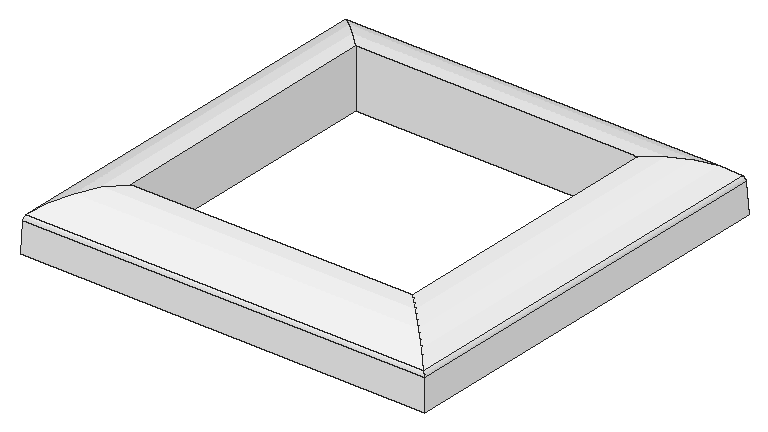
Revit family "Gira_021104", category Electrical Fixtures, host Face, Revit 2017
Family settings
  Host = Face
  Maintain Annotation Orientation = No
  Round Connector Dimension = Use Diameter
  Part Type = Normal
  Cut with Voids When Loaded = No
  Shared = No
  Room Calculation Point = No
Parameters (values of type "Cov.fr. 1-g Standard 55 p.white m")
  With mounting grid = "No"
  With hinged lid = "No"
  URL = "http://katalog.gira.de/en/datenblatt.html?artikelnr=021104"
  Type of fastening = "Clamp mounting"
  Transparent = "No"
  Surface protection = "Other"
  Surface finishing = "Matt"
  Suitable for wall duct = "No"
  Suitable for flush-mounted installation = "Yes"
  Suitable for floor box = "No"
  Suitable for built-in installation = "No"
  RAL-number (akin) = "9010"
  Number of units vertical = "1"
  Number of units horizontal = "1"
  Number of units = "1"
  Name = "Cov.fr. 1-g Standard 55 p.white m"
  Mounting direction = "Horizontal and vertical"
  Material quality = "Thermoplastic"
  Material = "Plastic"
  Manufacturer URL = "https://www.gira.de/"
  Manufacturer = "Gira"
  Label space/information surface = "No"
  Keynote = ""
  HeinzeBIM = "https://bimportal.heinze.de/bim/cov-fr-1-g-standard-55-p-white-m/521b4f1fc0196e9075a5c8777b913e032924cfc3"
  Halogen free = "Yes"
  HAN = "021104"
  GTIN = "4010337211044"
  Description = "Cov.fr.1g Std55 PWm,Gira Standard 55 cover frame,pure white matt,1-gang,Features:,- Shatter-proof.,,Notes :,- Also suitable for duct installation.,- In connection with the seal kit, frame (1-gang to 5-gang) is also suitable for installation as water-protected flush-mounted IP44."
  Degree of protection (IP) = "IP20"
  Default Elevation = 1219.2 mm
  Data sheet (1) = "https://katalog.gira.de/en/download.html?artikelnr=021104"
  Colour = "White"
  Category = "Cover frame for domestic switching devices"
  BIM (1) = "https://media.stage.bim.site/public/gira/36a6b08/Std55_Rahmen_1fach.rfa"
  Available = "No"
Reference planes
  plane 1 "Center (Front/Back)": y = 0
  plane 2: z = 0
  plane 3 "Center (Left/Right)": x = 0
  plane 4: y = -40.3
  plane 5: y = 40.3
  plane 6: x = 40.3
  plane 7: x = -40.3
Forms (mm)
  Sweep 1, solid, material "White", detail levels fine
    path origin (0, 0, 0) x (1, 0, 0) y (0, 1, 0)
      loop
        line (40.3, 40.3) -> (-40.3, 40.3) -> (-40.3, -40.3) -> (40.3, -40.3) -> (40.3, 40.3)
    profile origin (0, 40.3, 0) x (0, -1, 0) y (0, 0, 1)
      loop
        arc (12.22, 11.373) -> (5.983, 10.294) -> (0.641, 6.901) r 16.145
        arc (0.641, 6.901) -> (0.395, 6.426) -> (0.309, 5.898) r 1.694
        line (0.309, 5.898) -> (0, 0) -> (12.319, 0) -> (12.22, 11.373)
  Extrusion 2, solid, material "White", detail levels coarse+medium
    sketch origin (0, 0, 0) x (1, 0, 0) y (0, 1, 0)
      loop
        line (40.3, 40.3) -> (-40.3, 40.3) -> (-40.3, -40.3) -> (40.3, -40.3) -> (40.3, 40.3)
    from 0 to 11.373
Dimensions and locks
  aligned and locked: plane 2 to host face
  aligned and locked: level to host face
